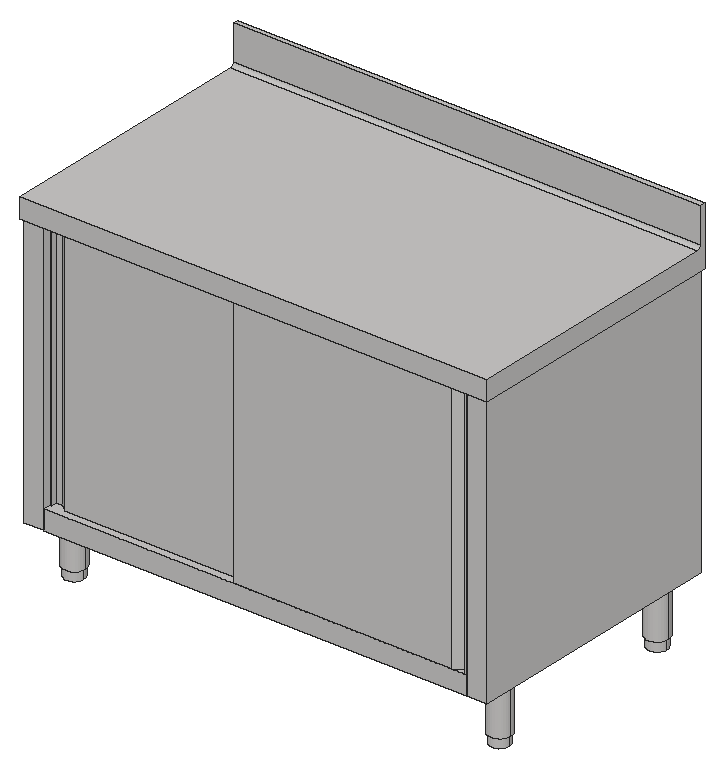
Revit family "QF_ELECTROLUXPROFESSIONAL_132777_MTN1210PN", category Attrezzature speciali, Revit 2020
Family settings
  Quota connettore circolare = Usa diametro
  Tipo di parte = Normale
  Basato su piano di lavoro = No
  Sempre verticale = Sì
  Taglio con vuoti quando caricato = No
  Condiviso = No
  Punto di calcolo locali = No
Parameters (values of type "Standard")
  Weight = 55.00 kg
  Watts = 0 W
  Volts = 0 V
  URL Manufacturer = "https://www.electroluxprofessional.com/"
  URL = "https://www.electroluxprofessional.com/"
  Steam Supply Size = 0 mm
  Steam Supply Minimum Pressure = 0.0 Pa
  Steam Supply Maximum Pressure = 0.0 Pa
  Steam Consumption per Hour = 0
  Refrigeration Suction Line Size = 0.0 mm
  Refrigeration Liquid Line Size = 0.0 mm
  Refrigerant Compressor Remote = yes
  Prospetto di default = 0.0 mm
  Produttore = "Electrolux Professional"
  Phase = 0
  Modello = "MTN1210PN"
  Length Actual = 1200.0 mm  # constant formula
  Item Number = "132777"
  Hot Water Size = 0 mm
  Height Actual = 1000.0 mm  # constant formula
  HP = "0 HP"
  Gas Size = 0 mm
  Gas KW = 0
  Gas Input Pressure = 0 W
  Direct Waste Size = 0 mm
  Descrizione = "WORKTOP CUPB+UPST+SHELF+SLIDING D.1200MM"
  Depth Actual = 700.0 mm  # constant formula
  Cycle = 0 Hz
  Condensate Return Size = 0 mm
  Compressed Air Volume = 0.0 L/s
  Compressed Air Size = 0 mm
  Compressed Air Pressure = 0.0 Pa
  Cold Water Size = 0 mm
  Accessory = yes
Reference planes
  plane 1 "Center (Front/Back)": y = 0
  plane 2: z = 0
  plane 3 "Center (Left/Right)": x = -100
  plane 4 "LEFT": x = -700
  plane 5 "RIGHT": x = 500
  plane 6 "BACK": y = 350
  plane 7 "FRONT": y = -350
  plane 8 "Base": z = 850
  plane 9 "TOP": z = 900
  plane 10: x = -646.9
  plane 11: x = 446.9
  plane 12: y = 264.5
  plane 13: y = -241.9
  plane 14 "BodyLeft": x = -694.5
  plane 15 "BodyFront": y = -344.5
  plane 16 "BodyRight": x = 494.5
  plane 17 "BodyBack": y = 344.5
  plane 18 "FEET": z = 150
  plane 19: x = -44.5
  plane 20: x = -155.5
Forms (mm)
  Extrusion 1, solid, material "QF_Finishes_Stainless Steel"
    sketch origin (-100, 0, 0) x (0, 1, 0) y (0, 0, 1)
      loop
        line (-350, 850) -> (350, 850) -> (350, 1000) -> (337, 1000) -> (337, 910)
        arc (337, 910) -> (334.071, 902.929) -> (327, 900) r 10
        line (327, 900) -> (-350, 900) -> (-350, 850)
    from 600 to -600
  Extrusion 2, solid, material "QF_Finishes_Stainless Steel"
    sketch origin (0, 0, 150) x (-1, 0, 0) y (0, -1, 0)
      loop
        line (694.5, -344.5) -> (694.5, 344.5) -> (644.5, 344.5) -> (644.5, -344.5) -> (694.5, -344.5)
      loop
        line (-444.5, -344.5) -> (-444.5, 344.5) -> (-494.5, 344.5) -> (-494.5, -344.5) -> (-444.5, -344.5)
    from 0 to 700
  Extrusion 3, solid, material "QF_Finishes_Stainless Steel"
    sketch origin (0, 0, 150) x (-1, 0, 0) y (0, -1, 0)
      loop
        line (643.585, -344.5) -> (643.585, 344.5) -> (-444.5, 344.5) -> (-444.5, -344.5) -> (643.585, -344.5)
    from 0 to 50
  Extrusion 4, solid, material "QF_Finishes_Stainless Steel"
    sketch origin (0, 0, 150) x (-1, 0, 0) y (0, -1, 0)
      loop
        line (643.585, -344.5) -> (643.585, -294.5) -> (-444.5, -294.5) -> (-444.5, -344.5) -> (643.585, -344.5)
    from 50 to 700
  Extrusion 5, solid, material "QF_Finishes_Stainless Steel"
    sketch origin (0, 0, 150) x (-1, 0, 0) y (0, -1, 0)
      loop
        line (-444.5, 344.5) -> (-444.5, 324.5) -> (155.5, 324.5) -> (155.5, 344.5) -> (-404.5, 344.5) -> (-424.5, 329.5) -> (-439.5, 329.5) -> (-439.5, 344.5) -> (-444.5, 344.5)
    from 50 to 700
  Extrusion 6, solid, material "QF_Finishes_Stainless Steel"
    sketch origin (0, 20, 150) x (1, 0, 0) y (0, 1, 0)
      loop
        line (-644.5, -344.5) -> (-639.5, -344.5) -> (-639.5, -329.5) -> (-624.5, -329.5) -> (-604.5, -344.5) -> (-44.5, -344.5) -> (-44.5, -324.5) -> (-644.5, -324.5) -> (-644.5, -344.5)
    from 50 to 700
Lines and regions (mm)
  symbolic lines
    curve 1: line (500, 350, 900) -> (-700, 350, 900)
    curve 2: line (-700, 350, 900) -> (-700, -350, 900)
    curve 3: line (-700, -350, 900) -> (500, -350, 900)
    curve 4: line (500, -350, 900) -> (500, 350, 900)
    curve 5: line (-700, 337, 900) -> (500, 337, 900)
  symbolic lines, style "SpecialityEquipmentHiddenLines"
    curve 6: line (-694.5, -344.5, 150) -> (-694.5, 344.5, 150)
    curve 7: line (-694.5, 344.5, 150) -> (494.5, 344.5, 150)
    curve 8: line (494.5, 344.5, 150) -> (494.5, -344.5, 150)
    curve 9: line (494.5, -344.5, 150) -> (-694.5, -344.5, 150)
    curve 10: line (-644.5, -304.5, 150) -> (-44.5, -304.5, 150)
    curve 11: line (-44.5, -304.5, 150) -> (-44.5, -324.5, 150)
    curve 12: line (444.5, -324.5, 150) -> (-644.5, -324.5, 150)
    curve 13: line (-644.5, -324.5, 150) -> (-644.5, -304.5, 150)
    curve 14: line (-155.5, -344.5, 150) -> (-155.5, -324.5, 150)
Dimensions and locks
  plane 4 "LEFT" to plane 5 "RIGHT" = 1200.0 mm
  equal spacing: plane 4 "LEFT", plane 3 "Center (Left/Right)", plane 5 "RIGHT"
  locked: plane 8 "Base" to level at 850
  locked: Extrusion 1 to level at 1000
  plane 9 "TOP" to level = 900.0 mm
  plane 6 "BACK" to plane 7 "FRONT" = 700.0 mm
  equal spacing: plane 6 "BACK", plane 1 "Center (Front/Back)", plane 7 "FRONT"
  locked: plane 4 "LEFT" to plane 14 "BodyLeft" at 5.5
  locked: plane 16 "BodyRight" to plane 5 "RIGHT" at 5.5
  locked: plane 15 "BodyFront" to plane 7 "FRONT" at 5.5
  locked: plane 6 "BACK" to plane 17 "BodyBack" at 5.5
  locked: plane 14 "BodyLeft" to plane 10 at 47.6
  locked: plane 11 to plane 16 "BodyRight" at 47.6
  locked: plane 13 to plane 15 "BodyFront" at 102.6
  locked: plane 17 "BodyBack" to plane 12 at 80
  plane 10 to plane 11 = 1093.8 mm
  plane 12 to plane 13 = 506.4 mm
  locked: plane 18 "FEET" to level at 150
  locked: plane 14 "BodyLeft" to Extrusion 2 sketch curve at 50
  locked: Extrusion 2 sketch curve to Extrusion 2 sketch curve at 50
  Extrusion 3 to Extrusion 4 sketch curve = 50.0 mm
  Extrusion 2 to plane 19 = 600.0 mm
  plane 20 to Extrusion 2 = 600.0 mm
  aligned and locked: level to plane 2
  aligned and locked: plane 10 to nested 1
  aligned and locked: nested 1 to plane 13
  aligned and locked: plane 11 to nested 2
  aligned and locked: nested 2 to plane 13
  aligned and locked: plane 11 to nested 4
  aligned and locked: nested 4 to plane 12
  aligned and locked: plane 10 to nested 3
  aligned and locked: nested 3 to plane 12
  aligned and locked: Extrusion 1 to plane 4 "LEFT"
  aligned and locked: plane 5 "RIGHT" to Extrusion 1
  aligned and locked: curve 2 to plane 4 "LEFT"
  aligned and locked: plane 17 "BodyBack" to Extrusion 2 sketch curve
  aligned and locked: Extrusion 2 sketch curve to plane 15 "BodyFront"
  aligned and locked: Extrusion 2 sketch curve to plane 14 "BodyLeft"
  aligned and locked: plane 16 "BodyRight" to Extrusion 2 sketch curve
  aligned and locked: Extrusion 2 sketch curve to plane 17 "BodyBack"
  aligned and locked: plane 15 "BodyFront" to Extrusion 2 sketch curve
  aligned and locked: Extrusion 3 sketch curve to plane 17 "BodyBack"
  aligned and locked: plane 15 "BodyFront" to Extrusion 3 sketch curve
  aligned and locked: plane 8 "Base" to Extrusion 2
  aligned and locked: plane 8 "Base" to Extrusion 5
  aligned and locked: Extrusion 5 to Extrusion 3
  aligned and locked: Extrusion 6 sketch curve to plane 19
  aligned and locked: Extrusion 5 sketch curve to plane 20
  aligned and locked: curve 7 to plane 17 "BodyBack"
  aligned and locked: Extrusion 2 to plane 14 "BodyLeft"
  aligned and locked: plane 16 "BodyRight" to curve 8
  aligned and locked: plane 15 "BodyFront" to curve 9
Automatic sketch dimensions
  curve 3 to plane 7 "FRONT" = 0.0 mm
  curve 5 to plane 5 "RIGHT" = 0.0 mm
  curve 4 to plane 6 "BACK" = 0.0 mm
  curve 5 to plane 17 "BodyBack" = 7.5 mm
  Extrusion 1 sketch curve to plane 7 "FRONT" = 0.0 mm
  Extrusion 1 sketch curve to plane 9 "TOP" = 0.0 mm
  Extrusion 1 sketch curve to plane 6 "BACK" = 0.0 mm
  Extrusion 1 sketch curve to plane 8 "Base" = 0.0 mm
  Extrusion 1 sketch curve to plane 17 "BodyBack" = 17.5 mm
  Extrusion 1 sketch curve to plane 17 "BodyBack" = 7.5 mm
  Extrusion 1 sketch curve to Extrusion 1 sketch curve = 90.0 mm
  Extrusion 5 sketch curve to plane 15 "BodyFront" = 0.0 mm  (x2)
  Extrusion 5 sketch curve to plane 11 = 2.4 mm
  Extrusion 5 sketch curve to Extrusion 5 sketch curve = 5.0 mm
  Extrusion 5 sketch curve to Extrusion 5 sketch curve = 15.0 mm
  Extrusion 5 sketch curve to Extrusion 5 sketch curve = 20.0 mm
  plane 15 "BodyFront" to Extrusion 5 sketch curve = 15.0 mm
  plane 15 "BodyFront" to Extrusion 5 sketch curve = 20.0 mm
  Extrusion 6 sketch curve to plane 15 "BodyFront" = 20.0 mm  (x2)
  Extrusion 6 sketch curve to plane 10 = 2.4 mm
  Extrusion 6 sketch curve to Extrusion 6 sketch curve = 5.0 mm
  Extrusion 6 sketch curve to Extrusion 6 sketch curve = 15.0 mm
  Extrusion 6 sketch curve to Extrusion 6 sketch curve = 20.0 mm  (x2)
  Extrusion 6 sketch curve to plane 15 "BodyFront" = 35.0 mm
  Extrusion 3 sketch curve to plane 11 = 2.4 mm
  plane 10 to Extrusion 3 sketch curve = 3.315 mm
  Extrusion 4 sketch curve to plane 11 = 2.4 mm
  plane 10 to Extrusion 4 sketch curve = 3.315 mm
  curve 10 to plane 19 = 0.0 mm
  curve 14 to plane 20 = 0.0 mm
  curve 7 to plane 14 "BodyLeft" = 0.0 mm
  plane 10 to curve 13 = 2.4 mm
  curve 10 to curve 13 = 20.0 mm
  curve 12 to plane 11 = 2.4 mm
  plane 15 "BodyFront" to curve 14 = 20.0 mm
Nested families
  nested 1: "FEET_D58-150" at (-646.9, -241.9, 0), type "FEET_D58-150"
  nested 2: "FEET_D58-150" at (446.9, -241.9, 0), type "FEET_D58-150"
  nested 3: "FEET_D58-150" at (-646.9, 264.5, 0), type "FEET_D58-150"
  nested 4: "FEET_D58-150" at (446.9, 264.5, 0), type "FEET_D58-150"
Definition of nested family "FEET_D58-150"
  Parameters
    Default Elevation = 0.0 mm
    FEET = 150.0 mm
  Reference planes
    plane 1 "Center (Front/Back)": y = 0
    plane 2: z = 0
    plane 3 "Center (Left/Right)": x = 0
    plane 4: z = 150
  Forms (mm)
    Extrusion 1, solid
      sketch origin (0, 0, 0) x (1, 0, 0) y (0, 1, 0)
        loop
          circle (0, 0) r 25
      from 0 to 25
    Extrusion 2, solid
      sketch origin (0, 0, 0) x (1, 0, 0) y (0, 1, 0)
        loop
          circle (0.061, 0) r 29
      from 25 to 150 <- "FEET"
  Lines and regions (mm)
    symbolic lines
      curve 1: line (0, -1.503, 0) -> (0, 1.508, 0)
      curve 2: line (1.561, 0, 0) -> (-1.439, 0, 0)
  Dimensions and locks
    "FEET": plane 4 to plane 2
    aligned and locked: level to plane 2
  Automatic sketch dimensions
    plane 1 "Center (Front/Back)" to Extrusion 1 sketch curve = 0.0 mm
    Extrusion 1 sketch curve to plane 3 "Center (Left/Right)" = 0.0 mm
    plane 1 "Center (Front/Back)" to curve 2 = 0.0 mm
    curve 1 to plane 3 "Center (Left/Right)" = 0.0 mm
    curve 2 to plane 3 "Center (Left/Right)" = 1.439 mm
    plane 3 "Center (Left/Right)" to curve 2 = 1.561 mm
    plane 1 "Center (Front/Back)" to curve 1 = 1.503 mm
    curve 1 to plane 1 "Center (Front/Back)" = 1.508 mm
    plane 1 "Center (Front/Back)" to Extrusion 2 sketch curve = 0.0 mm
    plane 3 "Center (Left/Right)" to Extrusion 2 sketch curve = 0.061 mm
    radius of Extrusion 1 sketch curve = 25.0 mm
    radius of Extrusion 2 sketch curve = 29.0 mm
